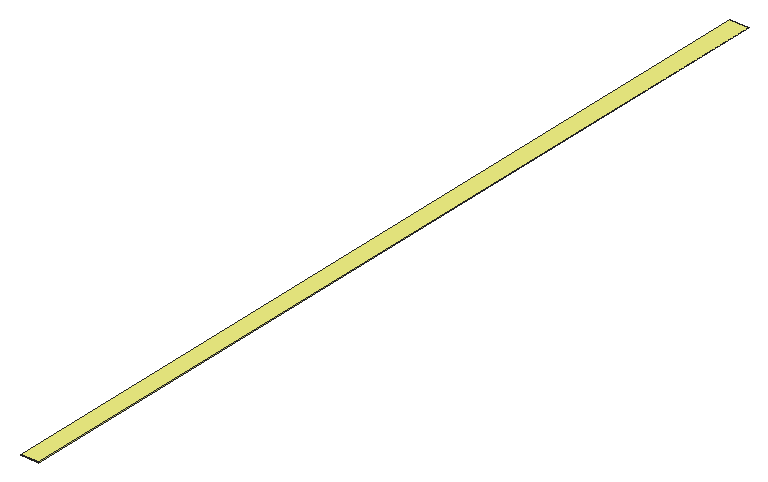
Revit family
Parameters (values of type "4800 x 2400mm - 90도")
  각도 = 90.00°
  주차 길이 = 4800 mm
  주차 폭 = 2400 mm
  pl = 4800 mm
  pw = 2400 mm
Types (5, lengths in mm): name | 각도 | pl | pw
  (no name) | 90.00° | 4800 | 2400
  4800 x 2400mm - 90도 | 90.00° | 4800 | 2400
  4800 x 2400mm - 60도 | 60.00° | 4157 | 2771
  4800 x 2400mm - 80도 | 80.00° | 4727 | 2437
  4800 x 2400mm - 70도 | 70.00° | 4510 | 2554
Reference planes
  plane 1 "중심(앞/뒤)": y = 0
  plane 2: z = 0
  plane 3 "중심(왼쪽/오른쪽)": x = 0
  plane 4: y = -304.8
Forms (mm)
  Sweep 1, solid, material "주차선"
    path in 3D
      loop
        line (0, 0, 0) -> (0, -4800, 0)
    profile origin (0, -2400, 0) x (1, 0, 0) y (0, 0, 1)
      loop
        line (-50.8, 0) -> (50.8, 0) -> (50.8, 3.175) -> (-50.8, 3.175) -> (-50.8, 0)
Lines and regions (mm)
  model lines, style "참조선"
    curve 1: line (2400, 0, 0) -> (2400, -4800, 0)
  model lines, style "주차 배치"
    curve 2: line (2400, 0, 0) -> (0, 0, 0)
    curve 3: line (0, 0, 0) -> (0, -4800, 0)
  sketch lines
    curve 4: line (0, 0, 0) -> (0, -4800, 0)
Dimensions and locks
  "pw": curve 3 to curve 2
  "pl": curve 2 to curve 1
  "각도": angle curve 3 to plane 4
  "각도": angle curve 1 to plane 4
  aligned and locked: plane 1 "중심(앞/뒤)" to curve 1
  aligned and locked: plane 3 "중심(왼쪽/오른쪽)" to curve 2
  aligned and locked: plane 1 "중심(앞/뒤)" to curve 3
Automatic sketch dimensions
  curve 3 to curve 1 = 0 mm
  profile plane to Sweep 1 sketch curve = 50.8 mm
  Sweep 1 sketch curve to profile plane = 50.8 mm
  Sweep 1 sketch curve to Sweep 1 sketch curve = 3.175 mm
